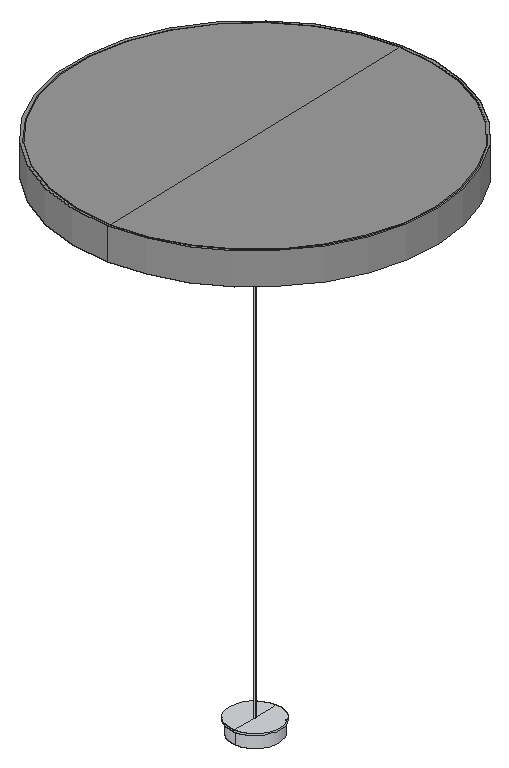
Revit family "PFRID-RPMK", category Lighting Fixtures, host Face, Revit 2022
Family settings
  Host = Face
  Round Connector Dimension = Use Diameter
  Part Type = Normal
  Cut with Voids When Loaded = Yes
  Light Source = Yes
  Maintain Annotation Orientation = No
  Shared = No
  Room Calculation Point = No
Parameters (values of type "PFRID35-120W-3000K-RPMK")
  Wattage Comments = "120W"
  Wattage = 41.2005 W
  built-in parameter 1150110 = 1 (stored number, unit not read)
  Uplight R = R / 2  # 0' - 8.84961"
  URL = "https://www.abovealllighting.com/Product/LED-INDOOR-FIXTURE/Pendant/PrimeFocusRound.html"
  built-in parameter 1114217 = 1 (stored number, unit not read)
  Tilt Angle = 90.00°
  built-in parameter 1150109 = 1 (stored number, unit not read)
  built-in parameter 1150134 = (empty or 0)
  Suspended = 3' - 11 51/256"
  built-in parameter 1150113 = 1 (stored number, unit not read)
  R = 1' - 5 179/256"
  Power Factor = "0.9"
  Photometric Web File = "PFRID35-120W-3000K-Down.IES"
  Model = "PFRID35-120-30901-RPMK-WH"
  Manufacturer = "Above All Lighting"  # constant formula
  built-in parameter 1150105 = 1083.3 (stored number, unit not read)
  Lumens = 6120 lm
  built-in parameter 1150115 = 1 (stored number, unit not read)
  Load Classification = Lighting
  built-in parameter 1150137 = (empty or 0)
  built-in parameter 1150139 = (empty or 0)
  Lens = R - 0' 0 1/4"  # 1' - 5 115/256"
  built-in parameter 1150112 = 1 (stored number, unit not read)
  built-in parameter 1150114 = 1 (stored number, unit not read)
  Lamp = "LED"
  Input Voltage = "120-277V"
  built-in parameter 1150132 = 2
  built-in parameter 1150102 = (empty or 0)
  built-in parameter 1150107 = 3000 (stored number, unit not read)
  built-in parameter 1150138 = (empty or 0)
  built-in parameter 1150106 = 10.833 (stored number, unit not read)
  built-in parameter 1150104 = 13.8 (stored number, unit not read)
  Dimming Lamp Color Temperature Shift = <None>
  Default Elevation = 0' - 0"
  Color Filter = 16777215
  CRI = "90"
  built-in parameter 1114218 = 1 (stored number, unit not read)
  built-in parameter 1150133 = 10 (stored number, unit not read)
  A = 0' - 2 1/2"
Reference planes (in)
  plane 1 "Center (Front/Back)": y = 0
  plane 2: z = 0
  plane 3 "Center (Left/Right)": x = 0
Forms (in)
  Revolve 1, solid, material "Paint"
    sketch origin (0, 0, 46) x (0, 1, 0) y (0, 0, 1)
      loop
        line (0, 1.19922) -> (17.69922, 1.19922) -> (17.69922, 4.29922) -> (17.44922, 4.29922) -> (17.44922, 3.55097) -> (0, 3.55097) -> (0, 1.19922)
      axis (0, 4.29922) -> (0, 1.19922)
    angle from 0 to 360
  Revolve 2, solid, material "Glass, White, High Luminance"
    sketch origin (0, 1, 46) x (0, 1, 0) y (0, 0, 1)
      loop
        line (16.44922, 4.29922) -> (-1, 4.29922) -> (-1, 4.17281) -> (16.44922, 4.17281) -> (16.44922, 4.29922)
      axis (-1, 4.29922) -> (-1, 4.17281)
    angle from 0 to 360
  Revolve 3, solid
    sketch origin (0, 0, -1.25) x (0, 1, 0) y (0, 0, 1)
      loop
        line (0, 0) -> (2.30502, 0) -> (2.30502, 1.25) -> (2.5, 1.25) -> (2.5, 1.38) -> (0, 1.38) -> (0, 0)
      axis (0, 1.38) -> (0, 0)
    angle from 0 to 360
  Extrusion 4, solid
    sketch origin (0, 0, 0) x (1, 0, 0) y (0, 1, 0)
      loop
        circle (0, 0) r 0.08906
    from 0.13 to 47.19922
  Revolve 5, solid, material "Glass, White, High Luminance"
    sketch origin (0, 0, 0) x (0, 1, 0) y (0, 0, 1)
      loop
        line (8.84961, 47.19922) -> (7.46961, 47.19922) -> (7.46961, 47.12793) -> (8.84961, 47.12793) -> (8.84961, 47.19922)
      axis (0, 47.19922) -> (0, 47.12793)
    angle from 0 to 360
Dimensions and locks (in)
  "R": Revolve 1 sketch curve to Revolve 1 sketch curve
  "Lens": Revolve 2 sketch curve to Revolve 2 sketch curve
  "A": Revolve 3 sketch curve to Revolve 3 sketch curve
  "Suspended": Revolve 1 to host face
  Revolve 2 sketch curve to imposter light = 0' - 0.1264"
  Revolve 2 sketch curve to Revolve 1 = 0' - 2.9736"
  "Uplight R": Revolve 5 sketch curve to plane 1 "Center (Front/Back)"
  diameter of Revolve 2 = 2' - 10 115/128"
  aligned and locked: plane 2 to host face
  aligned and locked: level to host face
  aligned and locked: Revolve 1 sketch curve to plane 1 "Center (Front/Back)"
  aligned and locked: Revolve 2 sketch curve to Revolve 2 sketch curve
  aligned and locked: Revolve 2 sketch curve to plane 1 "Center (Front/Back)"
  aligned and locked: Revolve 1 to imposter light
  aligned and locked: Extrusion 4 to Revolve 3
  aligned and locked: Revolve 1 to Extrusion 4
  aligned and locked: Revolve 5 sketch curve to imposter light
  aligned and locked: Revolve 5 to Revolve 5
  aligned and locked: Revolve 1 to Revolve 5
  aligned and locked: Revolve 5 to nested 1
Automatic sketch dimensions
  host sketch curve to host sketch curve = 8' - 0"  (x2)
  plane 1 "Center (Front/Back)" to Extrusion 4 sketch curve = 0' - 0"
  Extrusion 4 sketch curve to plane 3 "Center (Left/Right)" = 0' - 0"
  Revolve 1 sketch curve to plane 1 "Center (Front/Back)" = 0' - 0"
  Revolve 1 sketch curve to Revolve 1 sketch curve = 0' - 0 1/4"
  level to Revolve 1 sketch curve = 3' - 11 51/256"
  Revolve 1 sketch curve to Revolve 1 sketch curve = 0' - 2.35175"
  Revolve 1 sketch curve to Revolve 1 sketch curve = 0' - 0.74825"
  Revolve 1 sketch curve to Revolve 1 sketch curve = 1' - 4.64825"
  Revolve 1 sketch curve to Revolve 1 sketch curve = 6' - 1.27586"
  Revolve 2 sketch curve to Revolve 2 sketch curve = 0' - 0.1264"
  Revolve 2 sketch curve to Revolve 2 sketch curve = 1' - 3.9"
  Revolve 2 sketch curve to Revolve 2 sketch curve = 6' - 1.27586"
  Revolve 3 sketch curve to plane 1 "Center (Front/Back)" = 0' - 0"  (x2)
  Revolve 3 sketch curve to level = 0' - 0"
  Revolve 3 sketch curve to Revolve 3 sketch curve = 0' - 0.19498"
  Revolve 3 sketch curve to level = 0' - 1 1/4"
  Revolve 3 sketch curve to Revolve 3 sketch curve = 0' - 0.13"
  Revolve 3 sketch curve to Revolve 3 sketch curve = 2' - 0"
  Revolve 3 sketch curve to Revolve 3 sketch curve = 7' - 6.89586"
  Revolve 5 sketch curve to Revolve 5 sketch curve = 0' - 1.38"
  level to Revolve 5 sketch curve = 3' - 11.12793"
  Revolve 5 sketch curve to Revolve 5 sketch curve = 0' - 0.07129"
  Revolve 5 sketch curve to Revolve 5 sketch curve = 0' - 8.82871"
  Revolve 5 sketch curve to Revolve 5 sketch curve = 1' - 3.1"
  radius of Extrusion 4 sketch curve = 0' - 0.08906"
Nested families (in)
  nested 1: "Lighting Fixture Face-base" at (-0.07304, -0.05096, 47.19922) x (0.5722, -0.8201, 0) z (-0.8201, -0.5722, 0), type "Lighting Fixture Face-base"
Definition of nested family "Lighting Fixture Face-base"
  Parameters (values of type "Lighting Fixture Face-base")
    Wattage = 27.467 W
    built-in parameter 1150110 = 1 (stored number, unit not read)
    built-in parameter 1114217 = 1 (stored number, unit not read)
    Tilt Angle = 90.00°
    built-in parameter 1150109 = 1 (stored number, unit not read)
    built-in parameter 1150134 = 3
    built-in parameter 1150113 = 1 (stored number, unit not read)
    Power Factor = ""
    Photometric Web File = "PFRID35-120W-3000K-Up.IES"
    Manufacturer = "Above All Lighting"  # constant formula
    built-in parameter 1150105 = 324.68 (stored number, unit not read)
    Lumens = 4080 lm
    built-in parameter 1150115 = 1 (stored number, unit not read)
    Load Classification = none
    built-in parameter 1150137 = (empty or 0)
    built-in parameter 1150139 = (empty or 0)
    built-in parameter 1150112 = 1 (stored number, unit not read)
    built-in parameter 1150114 = 1 (stored number, unit not read)
    Lamp = "LED"
    Input Voltage = ""
    built-in parameter 1150132 = 2
    built-in parameter 1150102 = (empty or 0)
    built-in parameter 1150107 = 3200 (stored number, unit not read)
    built-in parameter 1150138 = (empty or 0)
    built-in parameter 1150106 = 3.2468 (stored number, unit not read)
    IP Rating = ""
    built-in parameter 1150104 = 13.8 (stored number, unit not read)
    Dimming Lamp Color Temperature Shift = (empty or 0)
    Default Elevation = 0' - 0"
    Color Filter = 16777215
    CRI = ""
    Beam Angle = 0.00°
    built-in parameter 1114218 = 1 (stored number, unit not read)
    built-in parameter 1150133 = 10 (stored number, unit not read)
  Reference planes (in)
    plane 1 "Center (Front/Back)": y = 0
    plane 2: z = 0
    plane 3 "Center (Left/Right)": x = 0
  Forms (in)
    Extrusion 1, solid
      sketch origin (0, 0, 0) x (1, 0, 0) y (0, 1, 0)
        loop
          line (-48, 48) -> (-48, -48) -> (48, -48) -> (48, 48) -> (-48, 48)
      from 0 to -12
  Dimensions and locks (in)
    aligned and locked: plane 2 to Extrusion 1
    aligned and locked: level to Extrusion 1
